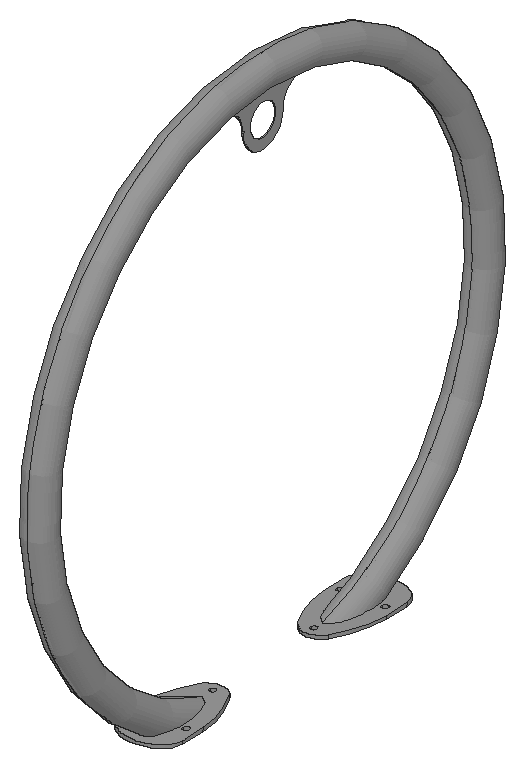
Revit family "Велопарковка «Тур» Арт 14026", category Антураж, Revit 2018
Family settings
  На основе рабочей плоскости = Нет
  Всегда вертикально = Да
  При загрузке вырезать с полостями = Нет
  Источник визуального образа = Геометрия семейства
  Общий = Нет
  Точка расчета площади = Нет
Parameters (values of type "1 секция")
  Цвет каркаса = Сталь
  Ширина = 48 mm  # constant formula
  Описание = "Велопарковка «Тур». 1 секция"  # constant formula
  Материал изделия = "Сталь"  # constant formula
  Изображение типоразмера = Велопарковка «Тур» Арт 14026.jpeg
  Изготовитель = "ООО «Хоббика»"  # constant formula
  Длина = 900 mm  # constant formula
  Группа модели = "Велопарковки"  # constant formula
  Высота = 840 mm  # constant formula
  Артикул товара = "Арт. 14026"  # constant formula
  URL = "https://hobbyka.ru/product/veloparkovka_tur/"
Reference planes
  plane 1 "По центру (Вперед/Назад)": y = 0
  plane 2: z = 0
  plane 3 "По центру (Влево/Вправо)": x = 0
  plane 4: x = 48
  plane 5: y = 900
  plane 6: z = 840
Forms (mm)
  Sweep 1, solid, material "Сталь" <- "Цвет каркаса"
    path origin (0, 0, 0) x (0, 1, 0) y (0, 0, 1)
      loop
        arc (568.989, -43.983) -> (446.909, 839.989) -> (336.983, -45.577) r 450
    profile origin (0, 446.909, 839.989) x (0, 0.006868, -0.999976) y (1, 0, 0)
      loop
        circle (24, 24) r 24
  Extrusion 2, solid, material "Сталь" <- "Цвет каркаса"
    sketch origin (0, 930, 0) x (1, 0, 0) y (0, 1, 0)
      loop
        line (-24, -262.877) -> (-24, -302.462)
        arc (-24, -302.462) -> (-16.961, -343.85) -> (0, -382.252) r 170.088
        arc (0, -382.252) -> (24, -395.853) -> (48, -382.252) r 27.975
        arc (48, -382.252) -> (64.961, -343.85) -> (72, -302.462) r 170.088
        line (72, -302.462) -> (72, -262.877)
        spline (72, -262.877) -> (70.364, -253.819) -> (65.569, -245.377) -> (57.941, -238.128) -> (48, -232.566) -> (36.423, -229.07) -> (24, -227.877) -> (11.577, -229.07) -> (0, -232.566) -> (-9.941, -238.128) -> (-17.569, -245.377) -> (-22.364, -253.819) -> (-24, -262.877)
      loop
        circle (58.298, -287.484) r 5
      loop
        circle (-10.298, -287.484) r 5
      loop
        circle (24, -380.853) r 5
    from 0 to 5
  Extrusion 3, solid, material "Сталь" <- "Цвет каркаса"
    sketch origin (0, -25.625, 0) x (1, 0, 0) y (0, 1, 0)
      loop
        spline (-24, 262.877) -> (-22.364, 253.819) -> (-17.569, 245.377) -> (-9.941, 238.128) -> (0, 232.566) -> (11.577, 229.07) -> (24, 227.877) -> (36.423, 229.07) -> (48, 232.566) -> (57.941, 238.128) -> (65.569, 245.377) -> (70.364, 253.819) -> (72, 262.877)
        line (72, 262.877) -> (72, 302.462)
        arc (72, 302.462) -> (64.961, 343.85) -> (48, 382.252) r 170.088
        arc (48, 382.252) -> (24, 395.853) -> (0, 382.252) r 27.975
        arc (0, 382.252) -> (-16.961, 343.85) -> (-24, 302.462) r 170.088
        line (-24, 302.462) -> (-24, 262.877)
      loop
        circle (58.298, 287.484) r 5
      loop
        circle (-10.298, 287.484) r 5
      loop
        circle (24, 380.853) r 5
    from 0 to 5
  Extrusion 4, void
    sketch origin (0, 0, 0) x (0, 1, 0) y (0, 0, 1)
      loop
        line (679.602, -0.5) -> (554.602, -0.5) -> (554.602, -45) -> (679.602, -45) -> (679.602, -0.5)
      loop
        line (359.053, -0.5) -> (219.053, -0.5) -> (219.053, -47.693) -> (359.053, -47.693) -> (359.053, -0.5)
    from -6.744 to 51.778
  Extrusion 5, solid, material "Сталь" <- "Цвет каркаса"
    sketch origin (0, 0, 0) x (0, 1, 0) y (0, 0, 1)
      loop
        arc (533.893, 783.149) -> (450, 792) -> (366.107, 783.149) r 402
        arc (366.107, 783.149) -> (398.436, 774.037) -> (412.5, 743.535) r 40.109
        arc (412.5, 743.535) -> (450, 706.035) -> (487.5, 743.535) r 37.5
        arc (487.5, 743.535) -> (501.564, 774.037) -> (533.893, 783.149) r 40.109
      loop
        circle (450, 746.885) r 25
    from 23 to 25
Cuts and joins
  Extrusion 4 cuts Sweep 1
  joined: Sweep 1, Extrusion 2, Extrusion 3
Dimensions and locks
  "Ширина": plane 3 "По центру (Влево/Вправо)" to plane 4
  "Длина": plane 5 to plane 1 "По центру (Вперед/Назад)"
  "Высота": level to plane 6
  aligned and locked: level to plane 2
Automatic sketch dimensions
  Sweep 1 sketch curve to plane 1 "По центру (Вперед/Назад)" = 450 mm
  level to Sweep 1 sketch curve = 390 mm
  Sweep 1 sketch curve to level = 45.577 mm
  Sweep 1 sketch curve to plane 1 "По центру (Вперед/Назад)" = 336.983 mm
  Sweep 1 sketch curve to level = 43.983 mm
  Sweep 1 sketch curve to profile plane = 24 mm
  plane 3 "По центру (Влево/Вправо)" to Sweep 1 sketch curve = 24 mm
  Extrusion 2 sketch curve to plane 3 "По центру (Влево/Вправо)" = 0 mm  (x2)
  Extrusion 2 sketch curve to plane 4 = 0 mm  (x2)
  Extrusion 2 sketch curve to plane 3 "По центру (Влево/Вправо)" = 10.298 mm
  Extrusion 2 sketch curve to Extrusion 2 sketch curve = 13.702 mm
  Extrusion 2 sketch curve to Extrusion 2 sketch curve = 73.918 mm  (x2)
  plane 3 "По центру (Влево/Вправо)" to Extrusion 2 sketch curve = 24 mm
  Extrusion 2 sketch curve to Extrusion 2 sketch curve = 0 mm
  plane 4 to Extrusion 2 sketch curve = 10.298 mm
  plane 4 to Extrusion 2 sketch curve = 24 mm
  Extrusion 2 sketch curve to plane 5 = 350.853 mm
  Extrusion 2 sketch curve to Extrusion 2 sketch curve = 12.975 mm
  Extrusion 2 sketch curve to Extrusion 2 sketch curve = 65.416 mm
  Extrusion 2 sketch curve to Extrusion 2 sketch curve = 14.978 mm  (x2)
  Extrusion 2 sketch curve to Extrusion 2 sketch curve = 24.607 mm
  Extrusion 3 sketch curve to plane 3 "По центру (Влево/Вправо)" = 0 mm  (x2)
  Extrusion 3 sketch curve to plane 4 = 0 mm  (x2)
  plane 3 "По центру (Влево/Вправо)" to Extrusion 3 sketch curve = 10.298 mm
  Extrusion 3 sketch curve to Extrusion 3 sketch curve = 13.702 mm
  Extrusion 3 sketch curve to Extrusion 3 sketch curve = 73.918 mm  (x2)
  Extrusion 3 sketch curve to plane 3 "По центру (Влево/Вправо)" = 24 mm
  Extrusion 3 sketch curve to Extrusion 3 sketch curve = 0 mm
  Extrusion 3 sketch curve to plane 4 = 10.298 mm
  Extrusion 3 sketch curve to plane 4 = 24 mm
  plane 1 "По центру (Вперед/Назад)" to Extrusion 3 sketch curve = 355.228 mm
  Extrusion 3 sketch curve to Extrusion 3 sketch curve = 12.975 mm
  Extrusion 3 sketch curve to Extrusion 3 sketch curve = 65.416 mm
  Extrusion 3 sketch curve to Extrusion 3 sketch curve = 14.978 mm  (x2)
  Extrusion 3 sketch curve to Extrusion 3 sketch curve = 24.607 mm
  Extrusion 4 sketch curve to level = 0.5 mm  (x2)
  Extrusion 4 sketch curve to plane 1 "По центру (Вперед/Назад)" = 219.053 mm
  Extrusion 4 sketch curve to level = 47.693 mm
  Extrusion 4 sketch curve to Extrusion 4 sketch curve = 140 mm
  Extrusion 4 sketch curve to Extrusion 4 sketch curve = 195.55 mm
  Extrusion 4 sketch curve to level = 45 mm
  Extrusion 4 sketch curve to Extrusion 4 sketch curve = 125 mm
  Extrusion 5 sketch curve to plane 1 "По центру (Вперед/Назад)" = 372.391 mm
  Extrusion 5 sketch curve to Extrusion 5 sketch curve = 77.609 mm  (x3)
  Extrusion 5 sketch curve to Extrusion 5 sketch curve = 0 mm  (x3)
  level to Extrusion 5 sketch curve = 390 mm
  plane 6 to Extrusion 5 sketch curve = 96.465 mm
  Extrusion 5 sketch curve to Extrusion 5 sketch curve = 3.35 mm
  Extrusion 5 sketch curve to Extrusion 5 sketch curve = 6.283 mm
  Extrusion 5 sketch curve to Extrusion 5 sketch curve = 37.5 mm
  radius of Sweep 1 sketch curve = 24 mm
  radius of Extrusion 2 sketch curve = 5 mm  (x3)
  radius of Extrusion 3 sketch curve = 5 mm  (x3)
  radius of Extrusion 5 sketch curve = 25 mm
